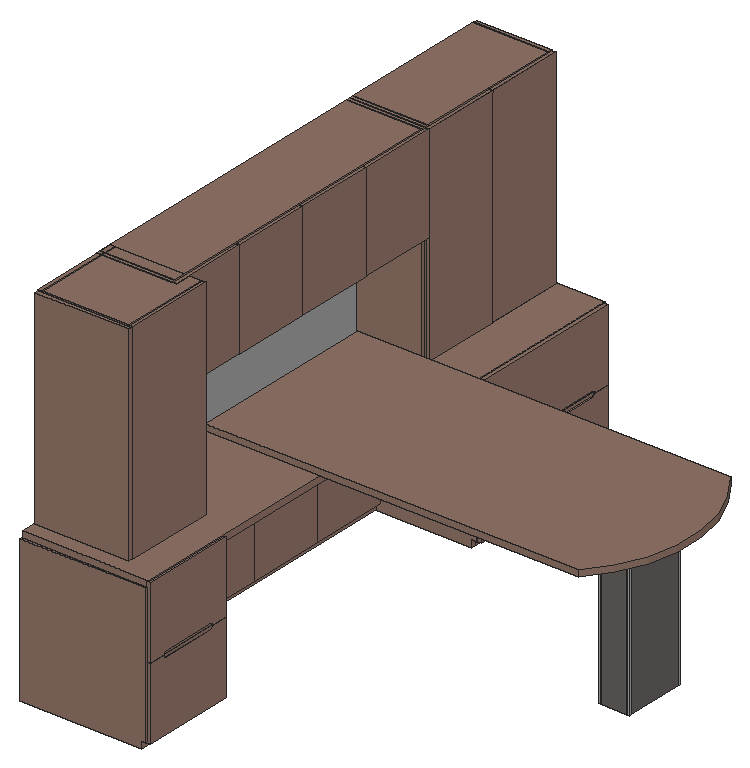
Revit family "T100041", category Furniture, Revit 2022 (continued)
Definition of nested family "OFS SLATE HIGHBACK ORGANIZER"
  Types (27): name | Width | Model | Length 2 | Length 1 | High | Height 1 | Height | Description | Center Doors
    Highback Organizer 6 Doors 102W x 52H - 1.5 High | 102.00" | "CA-10252HD25" | 17.00" | 17.00" | 1.5 | 25.00" | 52.00" | "OFS SLATE Highback Organizer 6 Doors, 102W x 15D x 51.5H, Slate Private Office" | yes
    Highback Organizer 6 Doors 96W x 52H - 1.5 High | 96.00" | "CA-9652HD25" | 16.00" | 16.00" | 1.5 | 25.00" | 52.00" | "OFS SLATE Highback Organizer 6 Doors, 96W x 15D x 51.5H, Slate Private Office" | yes
    Highback Organizer 6 Doors 90W x 52H - 1.5 High | 90.00" | "CA-9052HD25" | 15.00" | 15.00" | 1.5 | 25.00" | 52.00" | "OFS SLATE Highback Organizer 6 Doors, 90W x 15D x 51.5H, Slate Private Office" | yes
    Highback Organizer 4 Doors 84W x 52H - 1.5 High | 84.00" | "CA-8452HD25" | 42.00" | 0.00" | 1.5 | 25.00" | 52.00" | "OFS SLATE Highback Organizer 4 Doors, 84W x 15D x 51.5H, Slate Private Office" | no
    Highback Organizer 4 Doors 78W x 52H - 1.5 High | 78.00" | "CA-7852HD25" | 39.00" | 0.00" | 1.5 | 25.00" | 52.00" | "OFS SLATE Highback Organizer 4 Doors, 78W x 15D x 51.5H, Slate Private Office" | no
    Highback Organizer 4 Doors 72W x 52H - 1.5 High | 72.00" | "CA-7252HD25" | 36.00" | 0.00" | 1.5 | 25.00" | 52.00" | "OFS SLATE Highback Organizer 4 Doors, 72W x 15D x 51.5H, Slate Private Office" | no
    Highback Organizer 4 Doors 66W x 52H - 1.5 High | 66.00" | "CA-6652HD25" | 33.00" | 0.00" | 1.5 | 25.00" | 52.00" | "OFS SLATE Highback Organizer 4 Doors, 66W x 15D x 51.5H, Slate Private Office" | no
    Highback Organizer 4 Doors 60W x 52H - 1.5 High | 60.00" | "CA-6052HD25" | 30.00" | 0.00" | 1.5 | 25.00" | 52.00" | "OFS SLATE Highback Organizer 4 Doors, 60W x 15D x 51.5H, Slate Private Office" | no
    Highback Organizer 6 Doors 108W x 40H - 1 High | 108.00" | "CA-10840HD19" | 18.00" | 18.00" | 1 | 19.00" | 40.00" | "OFS SLATE Highback Organizer 6 Doors, 108W x 15D x 39.5H, Slate Private Office" | yes
    Highback Organizer 6 Doors 102W x 40H - 1 High | 102.00" | "CA-10240HD19" | 17.00" | 17.00" | 1 | 19.00" | 40.00" | "OFS SLATE Highback Organizer 6 Doors, 102W x 15D x 39.5H, Slate Private Office" | yes
    Highback Organizer 6 Doors 96W x 40H - 1 High | 96.00" | "CA-9640HD19" | 16.00" | 16.00" | 1 | 19.00" | 40.00" | "OFS SLATE Highback Organizer 6 Doors, 96W x 15D x 39.5H, Slate Private Office" | yes
    Highback Organizer 6 Doors 90W x 40H - 1 High | 90.00" | "CA-9040HD19" | 15.00" | 15.00" | 1 | 19.00" | 40.00" | "OFS SLATE Highback Organizer 6 Doors, 90W x 15D x 39.5H, Slate Private Office" | yes
    Highback Organizer 4 Doors 84W x 40H - 1 High | 84.00" | "CA-8440HD19" | 42.00" | 0.00" | 1 | 19.00" | 40.00" | "OFS SLATE Highback Organizer 4 Doors, 84W x 15D x 39.5H, Slate Private Office" | no
    Highback Organizer 4 Doors 78W x 40H - 1 High | 78.00" | "CA-7840HD19" | 39.00" | 0.00" | 1 | 19.00" | 40.00" | "OFS SLATE Highback Organizer 4 Doors, 78W x 15D x 39.5H, Slate Private Office" | no
    Highback Organizer 4 Doors 72W x 40H - 1 High | 72.00" | "CA-7240HD19" | 36.00" | 0.00" | 1 | 19.00" | 40.00" | "OFS SLATE Highback Organizer 4 Doors, 72W x 15D x 39.5H, Slate Private Office" | no
    Highback Organizer 4 Doors 66W x 40H - 1 High | 66.00" | "CA-6640HD19" | 33.00" | 0.00" | 1 | 19.00" | 40.00" | "OFS SLATE Highback Organizer 4 Doors, 66W x 15D x 39.5H, Slate Private Office" | no
    Highback Organizer 4 Doors 60W x 40H - 1 High | 60.00" | "CA-6040HD19" | 30.00" | 0.00" | 1 | 19.00" | 40.00" | "OFS SLATE Highback Organizer 4 Doors, 60W x 15D x 39.5H, Slate Private Office" | no
  Reference planes (in)
    plane 1 "Center (Front/Back)": y = 0
    plane 2: z = 0
    plane 3 "Center (Left/Right)": x = 0
    plane 4: x = 60
    plane 5: y = -14.25
    plane 6: x = 30
    plane 7: z = 29.25
    plane 8: z = 68.75
    plane 9: z = 68
    plane 10: z = 51.4375
    plane 11: z = 50.25
    plane 12: z = 29.75
    plane 13: z = 69.25
    plane 14: x = 30
    plane 15: x = 30
    plane 16: x = 15
    plane 17: x = 45
  Forms (in)
    Extrusion 1, solid, material <- "Panel"
      sketch origin (30, -0.75, 47.24409) x (0, 1, 0) y (0, 0, 1)
        loop
          line (0, 20.7559) -> (-13.5, 20.7559) -> (-13.5, 4.19341) -> (0, 4.19341) -> (0, 20.7559)
      from -0.375 to 0.375
    Extrusion 2, solid, material <- "Panel"
      sketch origin (30, -0.75, 47.24409) x (0, 1, 0) y (0, 0, -1)
        loop
          line (0, -20.7559) -> (0, -4.19341) -> (-13.5, -4.19341) -> (-13.5, -20.7559) -> (0, -20.7559)
      from -0.375 to 0.375
    Extrusion 3, solid, material <- "Panel"
      sketch origin (0, 0, 0) x (1, 0, 0) y (0, 0, 1)
        loop
          line (0, 68.75) -> (0, 29.25) -> (0.75, 29.25) -> (0.75, 68.75) -> (0, 68.75)
        loop
          line (60, 68.75) -> (59.25, 68.75) -> (59.25, 29.25) -> (60, 29.25) -> (60, 68.75)
      from 0 to 14.25
    Extrusion 4, solid, material <- "Back"
      sketch origin (0.75, 0, 68.75) x (0, 0, -1) y (0, 1, 0)
        loop
          line (0.75, 0) -> (0.75, -0.75) -> (39, -0.75) -> (39, 0) -> (0.75, 0)
      from 0 to 58.5
    Extrusion 5, solid, material <- "Base Panel"
      sketch origin (0.75, 0, 68.75) x (0, 0, -1) y (0, 1, 0)
        loop
          line (17.3125, -0.75) -> (17.3125, -14.25) -> (18.5, -14.25) -> (18.5, -0.75) -> (17.3125, -0.75)
      from 0 to 58.5
    Extrusion 6, solid, material <- "Top"
      sketch origin (0.75, 0, 68.75) x (0, 0, -1) y (0, 1, 0)
        loop
          line (0, 0) -> (0, -14.25) -> (0.75, -14.25) -> (0.75, 0) -> (0, 0)
      from 0 to 58.5
    Extrusion 7, solid, material <- "Doors", visible <- "Show Doors"
      sketch origin (-3.76383, -14.25, 47.24409) x (-1, 0, 0) y (0, 0, 1)
        loop
          line (-3.88883, 21.5059) -> (-18.69883, 21.5059) -> (-18.69883, 3.00591) -> (-3.88883, 3.00591) -> (-3.88883, 21.5059)
        loop
          line (-63.63883, 21.5059) -> (-63.63883, 3.00591) -> (-48.82883, 3.00591) -> (-48.82883, 21.5059) -> (-63.63883, 21.5059)
      from 0 to -0.74845
    Extrusion 8, solid, material <- "Doors", visible <- "Show Doors"
      sketch origin (-3.76383, -14.25, 47.24409) x (-1, 0, 0) y (0, 0, 1)
        loop
          line (-33.63883, 21.5059) -> (-33.63883, 3.00591) -> (-18.82883, 3.00591) -> (-18.82883, 21.5059) -> (-33.63883, 21.5059)
        loop
          line (-33.88883, 21.5059) -> (-48.69883, 21.5059) -> (-48.69883, 3.00591) -> (-33.88883, 3.00591) -> (-33.88883, 21.5059)
      from 0 to -0.74845
    Extrusion 9, solid, material <- "Doors", visible <- "Center Doors"
      sketch origin (-3.76383, -14.25, 47.24409) x (-1, 0, 0) y (0, 0, 1)
        loop
          line (-33.69883, 21.5059) -> (-33.69883, 3.00591) -> (-3.76383, 3.00591) -> (-3.76383, 21.5059) -> (-33.69883, 21.5059)
        loop
          line (-33.82883, 21.5059) -> (-63.76383, 21.5059) -> (-63.76383, 3.00591) -> (-33.82883, 3.00591) -> (-33.82883, 21.5059)
      from 0 to -0.74845
  Lines and regions (in)
    Masking region 1
      outline origin (69.63251, -60, 68.75) x (0, -1, 0) y (1, 0, 0)
        loop
          line (-60, -69.63251) -> (-45.75, -69.63251) -> (-45.75, -9.63251) -> (-60, -9.63251) -> (-60, -69.63251)
  Dimensions and locks (in)
    "Width": plane 3 "Center (Left/Right)" to plane 4
    equal spacing: plane 3 "Center (Left/Right)", plane 6, plane 4
    plane 1 "Center (Front/Back)" to plane 5 = 14.25"
    "Height": plane 13 to plane 7
    plane 13 to plane 8 to plane 9 = 0.50" locked, 0.75" locked
    locked: plane 10 to plane 11 at 1.1875
    locked: plane 12 to plane 7 at 0.5
    "Height 1": plane 13 to plane 11
    "Length 1": plane 14 to plane 6
    "Elevation": plane 7 to level
    "Length 1": plane 15 to plane 6
    locked: Extrusion 3 sketch curve to plane 3 "Center (Left/Right)" at 0.75
    locked: plane 4 to Extrusion 3 sketch curve at 0.75
    locked: Extrusion 7 sketch curve to plane 3 "Center (Left/Right)" at 0.125
    locked: Extrusion 7 sketch curve to plane 16 at 0.065
    locked: Extrusion 7 sketch curve to plane 17 at 0.065
    locked: plane 4 to Extrusion 7 sketch curve at 0.125
    equal spacing: plane 3 "Center (Left/Right)", plane 16, plane 14
    equal spacing: plane 15, plane 17, plane 4
    locked: plane 16 to Extrusion 8 sketch curve at 0.065
    locked: plane 14 to Extrusion 8 sketch curve at 0.125
    locked: plane 15 to Extrusion 8 sketch curve at 0.125
    locked: plane 17 to Extrusion 8 sketch curve at 0.065
    Extrusion 9 sketch curve to plane 6 to Extrusion 9 sketch curve = 0.065" locked, 0.065" locked
    "Length 2": Extrusion 9 sketch curve to plane 6
    "Length 2": plane 6 to Extrusion 9 sketch curve
    aligned and locked: level to plane 2
    aligned and locked: plane 6 to nested 1
    aligned and locked: nested 1 to plane 5
    aligned and locked: plane 5 to Extrusion 1 sketch curve
    aligned and locked: Extrusion 1 sketch curve to plane 10
    aligned and locked: Extrusion 1 sketch curve to plane 9
    aligned and locked: Extrusion 2 sketch curve to plane 9
    aligned and locked: Extrusion 2 sketch curve to plane 10
    aligned and locked: plane 5 to Extrusion 2 sketch curve
    aligned and locked: plane 3 "Center (Left/Right)" to Extrusion 3 sketch curve
    aligned and locked: plane 8 to Extrusion 3 sketch curve
    aligned and locked: plane 7 to Extrusion 3 sketch curve
    aligned and locked: Extrusion 3 sketch curve to plane 7
    aligned and locked: plane 4 to Extrusion 3 sketch curve
    aligned and locked: Extrusion 3 sketch curve to plane 8
    aligned and locked: Extrusion 3 to plane 5
    aligned and locked: Extrusion 4 sketch curve to plane 12
    aligned and locked: Extrusion 4 sketch curve to plane 9
    aligned and locked: Extrusion 4 to Extrusion 3
    aligned and locked: plane 10 to Extrusion 5 sketch curve
    aligned and locked: plane 11 to Extrusion 5 sketch curve
    aligned and locked: Extrusion 5 to Extrusion 3
    aligned and locked: plane 9 to Extrusion 6 sketch curve
    aligned and locked: plane 8 to Extrusion 6 sketch curve
    aligned and locked: Extrusion 6 to Extrusion 3
    aligned and locked: Masking region 1 sketch curve to Extrusion 3  (x4)
    aligned and locked: plane 11 to Extrusion 7 sketch curve
    aligned and locked: plane 8 to Extrusion 7 sketch curve
    aligned and locked: Extrusion 7 sketch curve to plane 11
    aligned and locked: Extrusion 7 sketch curve to plane 8
    aligned and locked: plane 8 to Extrusion 8 sketch curve
    aligned and locked: plane 11 to Extrusion 8 sketch curve
    aligned and locked: Extrusion 8 sketch curve to plane 11
    aligned and locked: Extrusion 8 sketch curve to plane 8
    aligned and locked: plane 8 to Extrusion 9 sketch curve
    aligned and locked: Extrusion 9 sketch curve to plane 8
    aligned and locked: plane 11 to Extrusion 9 sketch curve
    aligned and locked: Extrusion 9 sketch curve to plane 11
  Automatic sketch dimensions
    plane 1 "Center (Front/Back)" to Extrusion 1 sketch curve = 0.75"
    Extrusion 2 sketch curve to plane 1 "Center (Front/Back)" = 0.75"
    Extrusion 4 sketch curve to Extrusion 3 = 0.00"
    Extrusion 3 to Extrusion 4 sketch curve = 0.75"
    Extrusion 5 sketch curve to Extrusion 3 = 0.00"
    Extrusion 3 to Extrusion 5 sketch curve = 0.75"
    Extrusion 6 sketch curve to Extrusion 3 = 0.00"  (x2)
  Nested families (in)
    nested 1: "Tag" at (30, -14.25, 0), type "Center", detail levels fine
      with Offset (LR) 0.00"
  Definition of nested family "Tag"
    Parameters
      P_Width = 0.00"
      Text_Width = "Empty"
      Text_Height = "Empty"
      Text_Diameter = "Empty"
      Text_Depth = "Empty"
      Offset (LR) [instance] = 0.00"
      Model Name = "Type Catalog"
      P_Height = 0.00"
      Distance of Center (not Change) = 0.10"
      P_Diameter = 0.00"
      P_Depth = 0.00"
    Reference planes (in)
      plane 1: y = 0
      plane 2: x = 0
    Lines and regions (in)
      reference lines
        curve 1: line (-0.44359, 0.1, 0) -> (0.41085, 0.1, 0)
        curve 3: line (0, 0.42564, 0) -> (0, -0.30221, 0)
      reference lines, not visible
        curve 2: line (-0.44359, 0.09843, 0) -> (0.41085, 0.09843, 0)
        curve 4: line (0, 0.42407, 0) -> (0, -0.30379, 0)
    Text (in)
      label "Empty" at (0.00197, 0.0921, 0), shows "Model Name"
      label "Empty" at (0.00197, 0.09052, 0), shows "Model Name", not visible
    Dimensions and locks (in)
      "Distance of Center (not Change)": plane 1 to curve 1
      "Offset (LR)": curve 3 to plane 2
    Automatic sketch dimensions
      curve 1 to curve 3 = 0.44359"
      curve 3 to curve 1 = 0.41085"
      curve 3 to curve 1 = 0.40221"
      curve 1 to curve 3 = 0.32564"
      curve 2 to curve 4 = 0.44359"
      curve 4 to curve 2 = 0.41085"
      curve 4 to curve 2 = 0.40221"
      curve 2 to curve 4 = 0.32564"
Definition of nested family "OFS SLATE OVERLAY RUNOFF DESK POST"
  Parameters (values of type "Overlay Runoff Desk with Post Base 84W x 36D - Rectangular Top")
    Worksurface [instance] = none
    Width = 84.00"
    URL = "http://www.ofs.com/"
    Top Type = 1
    Rectangular Top = Top Type = 1  # yes
    Default Elevation = 0.00"
    Arc End Top = Top Type = 2  # no
    Description = "OFS CAROLINA SLATE Overlay Runoff Desk Height Top Post Base 84W x 36D"
    Model = "CA-A8436WB"
    Manufacturer = "CAROLINA"
    Depth = 36.00"
    Copyright © = "© 2019 OFS"
    Column Edge [instance] = none
    Column [instance] = none
    Catalog = "https://ofs.com/products/tables/conference/slate"
    Authoring Version = "Autodesk Revit Architecture 2014"
    Assembly Code = "E2020200"
  Types (12): name | Width | Top Type | Rectangular Top | Arc End Top | Description | Model | Depth
    Overlay Runoff Desk with Post Base 84W x 36D - Arc End Top | 84.00" | 2 | no | yes | "OFS CAROLINA SLATE Overlay Runoff Desk Height Top Post Base 84W x 36D" | "CA-A8436WAB" | 36.00"
    Overlay Runoff Desk with Post Base 78W x 36D - Arc End Top | 78.00" | 2 | no | yes | "OFS CAROLINA SLATE Overlay Runoff Desk Height Top Post Base 78W x 36D" | "CA-A7836WAB" | 36.00"
    Overlay Runoff Desk with Post Base 72W x 36D - Arc End Top | 72.00" | 2 | no | yes | "OFS CAROLINA SLATE Overlay Runoff Desk Height Top Post Base 72W x 36D" | "CA-A7236WAB" | 36.00"
    Overlay Runoff Desk with Post Base 72W x 30D - Arc End Top | 72.00" | 2 | no | yes | "OFS CAROLINA SLATE Overlay Runoff Desk Height Top Post Base 72W x 30D" | "CA-A7230WAB" | 30.00"
    Overlay Runoff Desk with Post Base 66W x 30D - Arc End Top | 66.00" | 2 | no | yes | "OFS CAROLINA SLATE Overlay Runoff Desk Height Top Post Base 66W x 30D" | "CA-A6630WAB" | 30.00"
    Overlay Runoff Desk with Post Base 60W x 30D - Arc End Top | 60.00" | 2 | no | yes | "OFS CAROLINA SLATE Overlay Runoff Desk Height Top Post Base 60W x 30D" | "CA-A6030WAB" | 30.00"
    Overlay Runoff Desk with Post Base 84W x 36D - Rectangular Top | 84.00" | 1 | yes | no | "OFS CAROLINA SLATE Overlay Runoff Desk Height Top Post Base 84W x 36D" | "CA-A8436WB" | 36.00"
    Overlay Runoff Desk with Post Base 78W x 36D - Rectangular Top | 78.00" | 1 | yes | no | "OFS CAROLINA SLATE Overlay Runoff Desk Height Top Post Base 78W x 36D" | "CA-A7836WB" | 36.00"
    Overlay Runoff Desk with Post Base 72W x 36D - Rectangular Top | 72.00" | 1 | yes | no | "OFS CAROLINA SLATE Overlay Runoff Desk Height Top Post Base 72W x 36D" | "CA-A7236WB" | 36.00"
    Overlay Runoff Desk with Post Base 72W x 30D - Rectangular Top | 72.00" | 1 | yes | no | "OFS CAROLINA SLATE Overlay Runoff Desk Height Top Post Base 72W x 30D" | "CA-A7230WB" | 30.00"
    Overlay Runoff Desk with Post Base 66W x 30D - Rectangular Top | 66.00" | 1 | yes | no | "OFS CAROLINA SLATE Overlay Runoff Desk Height Top Post Base 66W x 30D" | "CA-A6630WB" | 30.00"
    Overlay Runoff Desk with Post Base 60W x 30D - Rectangular Top | 60.00" | 1 | yes | no | "OFS CAROLINA SLATE Overlay Runoff Desk Height Top Post Base 60W x 30D" | "CA-A6030WB" | 30.00"
  Reference planes (in)
    plane 1 "Center (Front/Back)": y = 0
    plane 2: z = 0
    plane 3 "Center (Left/Right)": x = 0
    plane 4 "rrr": through (-2.45771, -5.50063, 16.56517) normal (0.0223, 0.0194, 0.9996)
    plane 5: y = -36
    plane 6: x = 84
    plane 7: x = 42
    plane 8: y = -18
    plane 9: z = 30.3875
  Forms (in)
    Extrusion 1, solid, material <- "Worksurface", visible <- "Rectangular Top"
      sketch origin (0, 0, 0) x (0, 1, 0) y (0, 0, 1)
        loop
          line (0, 30.3875) -> (-36, 30.3875) -> (-36, 29.2) -> (0, 29.2) -> (0, 30.3875)
      from 0 to 84
    Extrusion 2, solid, material <- "Worksurface", visible <- "Arc End Top"
      sketch origin (84, -60, 30.3875) x (0, -1, 0) y (-1, 0, 0)
        loop
          line (-60, 84) -> (-60, 6.09543)
          arc (-60, 6.09543) -> (-42, 0) -> (-24, 6.09543) r 29.62499
          line (-24, 6.09543) -> (-24, 84) -> (-60, 84)
      from 0 to 1.1875
    Extrusion 3, solid, material <- "Column"
      sketch origin (0, 0, 0) x (1, 0, 0) y (0, 1, 0)
        loop
          line (72.53125, -12) -> (72.53125, -12.53125) -> (72, -12.53125) -> (72, -23.46875) -> (72.53125, -23.46875) -> (72.53125, -24) -> (77.46875, -24) -> (77.46875, -23.46875) -> (78, -23.46875) -> (78, -12.53125) -> (77.46875, -12.53125) -> (77.46875, -12) -> (72.53125, -12)
      from 0.45 to 29.2
    Extrusion 4, solid, material <- "Column Edge"
      sketch origin (0, 0, 0) x (1, 0, 0) y (0, 1, 0)
        loop
          line (72.53125, -12.0175) -> (72.0175, -12.0175) -> (72.0175, -12.53125) -> (72.53125, -12.53125) -> (72.53125, -12.0175)
        loop
          line (77.46875, -12.0175) -> (77.46875, -12.53125) -> (77.9825, -12.53125) -> (77.9825, -12.0175) -> (77.46875, -12.0175)
        loop
          line (72.53125, -23.9825) -> (72.53125, -23.46875) -> (72.0175, -23.46875) -> (72.0175, -23.9825) -> (72.53125, -23.9825)
        loop
          line (77.46875, -23.9825) -> (77.9825, -23.9825) -> (77.9825, -23.46875) -> (77.46875, -23.46875) -> (77.46875, -23.9825)
      from 0.45 to 29.2
  Lines and regions (in)
    Masking region 1, visible <- "Arc End Top"
      outline origin (0, 0, 0) x (1, 0, 0) y (0, 1, 0)
        loop
          line (0, 0) -> (0, -36) -> (77.90457, -36)
          arc (77.90457, -36) -> (84, -18) -> (77.90457, 0) r 29.62499
          line (77.90457, 0) -> (0, 0)
    Masking region 2, visible <- "Rectangular Top"
      outline origin (0, 0, 0) x (1, 0, 0) y (0, 1, 0)
        loop
          line (0, 0) -> (0, -36) -> (84, -36) -> (84, 0) -> (0, 0)
  Dimensions and locks (in)
    "Width": plane 3 "Center (Left/Right)" to plane 6
    equal spacing: plane 3 "Center (Left/Right)", plane 7, plane 6
    "Depth": plane 5 to plane 1 "Center (Front/Back)"
    equal spacing: plane 1 "Center (Front/Back)", plane 8, plane 5
    aligned and locked: level to plane 2
    aligned and locked: Extrusion 1 sketch curve to plane 5
    aligned and locked: plane 1 "Center (Front/Back)" to Extrusion 1 sketch curve
    aligned and locked: plane 9 to Extrusion 1 sketch curve
    aligned and locked: Extrusion 1 to plane 3 "Center (Left/Right)"
    aligned and locked: Extrusion 1 to plane 6
    aligned and locked: plane 1 "Center (Front/Back)" to Extrusion 2 sketch curve
    aligned and locked: plane 3 "Center (Left/Right)" to Extrusion 2 sketch curve
    aligned and locked: Extrusion 2 sketch curve to plane 5
    aligned and locked: Extrusion 2 to plane 9
    aligned and locked: Extrusion 2 to Extrusion 1
    aligned and locked: Extrusion 3 to Extrusion 2
    aligned and locked: Extrusion 3 to Extrusion 4 sketch curve  (x2)
    aligned and locked: Extrusion 4 sketch curve to Extrusion 3  (x2)
    aligned and locked: plane 7 to nested 1
    aligned and locked: nested 1 to plane 5
    aligned and locked: Masking region 1 sketch curve to plane 3 "Center (Left/Right)"
    aligned and locked: Masking region 1 sketch curve to Extrusion 2  (x3)
    aligned and locked: plane 3 "Center (Left/Right)" to Masking region 2 sketch curve
    aligned and locked: plane 1 "Center (Front/Back)" to Masking region 2 sketch curve
    aligned and locked: Masking region 2 sketch curve to plane 5
    aligned and locked: Masking region 2 sketch curve to Extrusion 1
  Automatic sketch dimensions
    plane 9 to Extrusion 1 sketch curve = 1.1875"
    Extrusion 2 sketch curve to plane 8 = 0.00"
    Extrusion 2 sketch curve to plane 7 = 12.37501"
    plane 6 to Extrusion 2 sketch curve = 6.09543"
    plane 8 to Extrusion 3 sketch curve = 5.46875"
    plane 6 to Extrusion 3 sketch curve = 12.00"
    Extrusion 3 sketch curve to Extrusion 3 sketch curve = 0.53125"  (x5)
    Extrusion 3 sketch curve to Extrusion 3 sketch curve = 4.9375"  (x2)
    Extrusion 3 sketch curve to Extrusion 3 sketch curve = 0.00"  (x2)
    Extrusion 3 sketch curve to plane 8 = 5.46875"
    Extrusion 4 sketch curve to Extrusion 4 sketch curve = 0.51375"  (x9)
    Extrusion 4 sketch curve to Extrusion 4 sketch curve = 4.9375"
    Extrusion 4 sketch curve to plane 8 = 5.46875"
    Extrusion 4 sketch curve to Extrusion 4 sketch curve = 0.00"
  Nested families (in)
    nested 1: "Tag" at (42, -36, 0) x (-1, 0, 0) z (0, 0, 1), type "Center", detail levels fine
      with Offset (LR) 0.00", Distance of Center (not Change) 0.11"
  Definition of nested family "Tag"
    Parameters
      P_Width = 0.00"
      Text_Width = "Empty"
      Text_Height = "Empty"
      Text_Diameter = "Empty"
      Text_Depth = "Empty"
      Offset (LR) [instance] = 0.00"
      Model Name = "EK-7168-E"
      P_Height = 0.00"
      Distance of Center (not Change) = 0.00"
      P_Diameter = 0.00"
      P_Depth = 0.00"
    Reference planes (in)
      plane 1: y = 0
      plane 2: x = 0
    Lines and regions (in)
      reference lines
        curve 1: line (-0.44359, 0, 0) -> (0.41085, 0, 0)
        curve 3: line (0, 0.32564, 0) -> (0, -0.40221, 0)
      reference lines, not visible
        curve 2: line (-0.44359, 0.09843, 0) -> (0.41085, 0.09843, 0)
        curve 4: line (0, 0.42407, 0) -> (0, -0.30379, 0)
    Text (in)
      label "Empty" at (0.00197, -0.0079, 0), shows "Model Name"
      label "Empty" at (0.00197, 0.09052, 0), shows "Model Name", not visible
    Dimensions and locks (in)
      "Distance of Center (not Change)": plane 1 to curve 1
      "Offset (LR)": curve 3 to plane 2
    Automatic sketch dimensions
      curve 1 to curve 3 = 0.44359"
      curve 3 to curve 1 = 0.41085"
      curve 3 to curve 1 = 0.40221"
      curve 1 to curve 3 = 0.32564"
      curve 2 to curve 4 = 0.44359"
      curve 4 to curve 2 = 0.41085"
      curve 4 to curve 2 = 0.40221"
      curve 2 to curve 4 = 0.32564"
